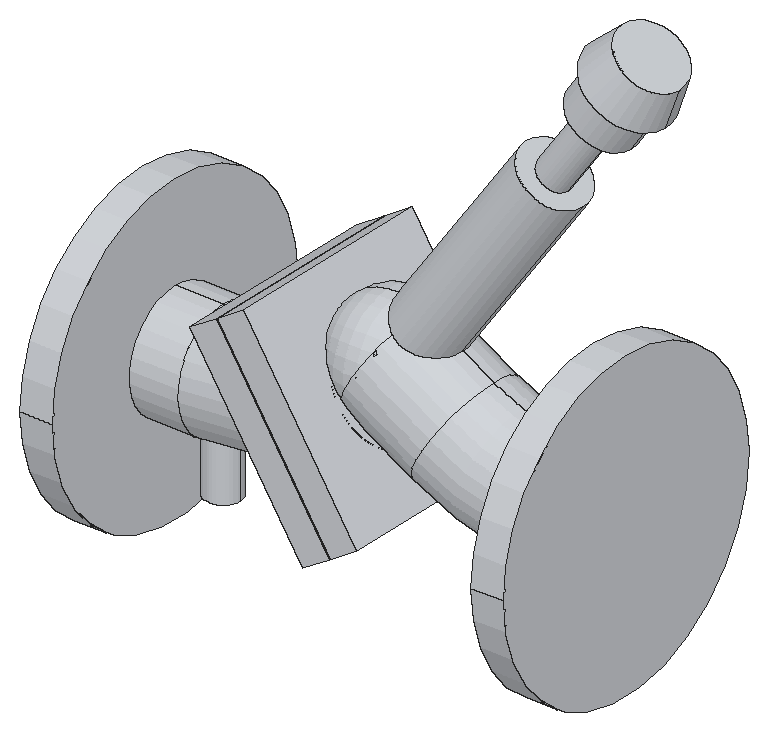
Revit family "M_Válvula de equilíbrio - Reta - 65-300 mm - Flange", category Acessórios do tubo, Revit 2019
Family settings
  Cota do conector redondo = Usar raio
  Tipo de parte = Válvula - Quebra entre
  Número OmniClass = 23.65.55.14.17
  Título OmniClass = Adjusting/Controlling Valves for Liquid Services
  ID de item do Seek = Balancing Valve - Straight - 65-300 mm - Flanged-0000-CAN-ENU
  Com base no plano de trabalho = Não
  Sempre na vertical = Sim
  Corte com vazios quando carregada = Não
  Compartilhado = Não
Parameters (values of type "65 mm")
  Material da válvula = none
  Comprimento da válvula = 300 mm
  Raio 9 = 1.3 * Raio 5  # 27.885 mm
  Raio 8 = 150 mm
  Raio 6 = 0.5 * Raio 5  # 10.725 mm
  Raio 5 = 0.6 * Raio externo  # 21.45 mm
  Raio 4 = 2 * Raio externo  # 71.5 mm
  Raio 3 = 0.6 * (Raio externo + Raio da flange)  # 78.45 mm
  Raio 2 = 0.7 * Raio externo  # 25.025 mm
  Raio 1 = 185 mm
  Raio externo = Diâmetro nominal * 0.55  # 35.75 mm
  Altura aberta = 245 mm
  Raio nominal = 32.5 mm
  Diâmetro nominal = Raio nominal * 2  # 65 mm
  Comprimento 9 = 25 mm
  Comprimento 8 = Comprimento 7 * sin(Ângulo 1)  # 43.301 mm
  Comprimento 7 = 50 mm
  Comprimento 6 = 75 mm
  Comprimento 5 = 25 mm
  Comprimento 4 = 0.2 * (Altura aberta - Altura 2) / sin(Ângulo 2)  # 52.651 mm
  Comprimento 3 = 0.2 * (Altura aberta - Altura 2) / sin(Ângulo 2)  # 52.651 mm
  Comprimento 2 = 0.7 * (Altura aberta - Altura 2) / sin(Ângulo 2)  # 184.277 mm
  Comprimento 11 = Comprimento 4 * 0.3  # 15.795 mm
  Comprimento 10 = Comprimento 9 / 2  # 12.5 mm
  Comprimento 1 = 100 mm
  K Coefficient = 21.72
  Altura 2 = Raio 1 - sqrt(Raio 1 * Raio 1 - Comprimento 1 * Comprimento 1)  # 29.356 mm
  Altura 1 = Raio 8 - sqrt(Raio 8 * Raio 8 - Comprimento 6 * Comprimento 6) + Comprimento 7 * cos(Ângulo 1)  # 45.096 mm
  Espessura do flange = 20 mm
  Raio da flange = Diâmetro da flange / 2  # 95 mm
  Diâmetro da flange = 190 mm
  C2 Deslocamento 3 = 65 mm
  C1 Deslocamento 1 = 70 mm
  Ângulo 2 = 55.00°
  Ângulo 1 = acos(Comprimento 6 / Raio 8)  # 60.00°
  Ângulo = asin(Comprimento 1 / Raio 1)  # 32.7204°
Types (9, lengths in mm): name | Comprimento da válvula | Raio 9 | Raio 8 | Raio 6 | Raio 5 | Raio 4 | Raio 3 | Raio 2 | Raio 1 | Raio externo | Altura aberta | Raio nominal | Diâmetro nominal | Comprimento 8 | Comprimento 7 | Comprimento 6 | Comprimento 5 | Comprimento 4 | Comprimento 3 | Comprimento 2 | Comprimento 11 | Comprimento 1 | K Coefficient | Altura 2 | Altura 1 | Espessura do flange | Raio da flange | Diâmetro da flange | C2 Deslocamento 3 | C1 Deslocamento 1 | Ângulo 2 | Ângulo 1 | Ângulo
  (no name) | 300 | 27.885 | 150 | 10.725 | 21.45 | 71.5 | 78.45 | 25.025 | 185 | 35.75 | 245 | 32.5 | 65 | 43.301 | 50 | 75 | 25 | 52.651 | 52.651 | 184.277 | 15.795 | 100 | 21.72 | 29.356 | 45.096 | 20 | 95 | 190 | 65 | 70 | 55.00° | 60.00° | 32.7204°
  250 mm | 762 | 107.25 | 300 | 41.25 | 82.5 | 275 | 215.7 | 96.25 | 180 | 137.5 | 673 | 125 | 250 | 159.085 | 175 | 125 | 100 | 144.837 | 144.837 | 506.931 | 43.451 | 120 | 15.82 | 45.836 | 100.199 | 40 | 222 | 444 | 240 | 167 | 60.00° | 65.3757° | 41.8103°
  125 mm | 444 | 53.625 | 175 | 20.625 | 41.25 | 137.5 | 125.25 | 48.125 | 180 | 68.75 | 332 | 62.5 | 125 | 90.351 | 100 | 75 | 50 | 66.087 | 66.087 | 231.304 | 19.826 | 120 | 19.24 | 45.836 | 59.743 | 25 | 140 | 280 | 125 | 92 | 60.00° | 64.6231° | 41.8103°
  300 mm | 967 | 128.7 | 300 | 49.5 | 99 | 330 | 255 | 115.5 | 180 | 165 | 722 | 150 | 300 | 159.085 | 175 | 125 | 175 | 158.368 | 158.368 | 554.288 | 47.51 | 125 | 15.82 | 50.482 | 100.199 | 40 | 260 | 520 | 320 | 194 | 58.00° | 65.3757° | 43.983°
  65 mm | 300 | 27.885 | 150 | 10.725 | 21.45 | 71.5 | 78.45 | 25.025 | 185 | 35.75 | 245 | 32.5 | 65 | 43.301 | 50 | 75 | 25 | 52.651 | 52.651 | 184.277 | 15.795 | 100 | 21.72 | 29.356 | 45.096 | 20 | 95 | 190 | 65 | 70 | 55.00° | 60.00° | 32.7204°
  80 mm | 300 | 34.32 | 150 | 13.2 | 26.4 | 88 | 89.4 | 30.8 | 180 | 44 | 266 | 40 | 80 | 43.301 | 50 | 75 | 25 | 54.425 | 54.425 | 190.487 | 16.327 | 100 | 23.82 | 30.334 | 45.096 | 20 | 105 | 210 | 65 | 62 | 60.00° | 60.00° | 33.749°
  100 mm | 350 | 42.9 | 150 | 16.5 | 33 | 110 | 109.2 | 38.5 | 180 | 55 | 268 | 50 | 100 | 64.952 | 75 | 75 | 25 | 54.887 | 54.887 | 192.103 | 16.466 | 100 | 10.12 | 30.334 | 57.596 | 20 | 127 | 254 | 87 | 75 | 60.00° | 60.00° | 33.749°
  150 mm | 525 | 64.35 | 300 | 24.75 | 49.5 | 165 | 144.9 | 57.75 | 180 | 82.5 | 350 | 75 | 150 | 117.851 | 125 | 100 | 50 | 70.244 | 70.244 | 245.853 | 21.073 | 120 | 29.75 | 45.836 | 58.824 | 25 | 159 | 318 | 150 | 113 | 60.00° | 70.5288° | 41.8103°
  200 mm | 716 | 85.8 | 300 | 33 | 66 | 220 | 180.3 | 77 | 180 | 110 | 625 | 100 | 200 | 159.085 | 175 | 125 | 100 | 133.752 | 133.752 | 468.133 | 40.126 | 120 | 29.75 | 45.836 | 100.199 | 40 | 190.5 | 381 | 200 | 145 | 60.00° | 65.3757° | 41.8103°
Reference planes
  plane 1 "Centro (Frente/Trás)": y = 0
  plane 2: z = 0
  plane 3 "Centro (Esquerda/Direita)": x = 0
  plane 4: y = -65
  plane 5: y = 65
  plane 6: x = -150
  plane 7: x = 150
  plane 8: x = 130
  plane 9: x = -130
  plane 10: x = 125
  plane 11: x = 50
  plane 12: x = 6.699
  plane 13: x = -100
  plane 14: z = 150
  plane 15: z = 185
  plane 16: z = 245
  plane 17: z = 29.356
  plane 18 "Altura 1": z = 45.096
  plane 19: z = -70
Forms (mm)
  Sweep 1, solid, material <- "Material da válvula", detail levels fine
    path in 3D
      loop
        line (-130, 0, 0) -> (-100, 0, 0)
        arc (-100, 0, 0) -> (-47.89, 0, 7.491) -> (0, 0, 29.356) r 185
    profile origin (-115, 0, 0) x (0, 0, 1) y (0, -1, 0)
      loop
        circle (0, 0) r 35.75
  Sweep 2, solid, material <- "Material da válvula", detail levels fine
    path in 3D
      loop
        line (130, 0, 0) -> (125, 0, 0)
        arc (125, 0, 0) -> (86.177, 0, 5.111) -> (50, 0, 20.096) r 150
        line (50, 0, 20.096) -> (6.699, 0, 45.096)
    profile origin (28.349, 0, 32.596) x (-0.5, 0, -0.866025) y (0, -1, 0)
      loop
        circle (0, 0) r 35.75
  Sweep 3, solid, material <- "Material da válvula", detail levels fine
    path in 3D
      loop
        line (0, 0, 29.356) -> (105.697, 0, 180.307)
    profile origin (52.848, 0, 104.832) x (-0.819152, 0, 0.573576) y (0, -1, 0)
      loop
        circle (0, 0) r 21.45
  Sweep 4, solid, material <- "Material da válvula", detail levels fine
    path in 3D
      loop
        line (105.697, 0, 180.307) -> (135.896, 0, 223.436)
    profile origin (120.796, 0, 201.871) x (-0.819152, 0, 0.573576) y (0, -1, 0)
      loop
        circle (0, 0) r 10.725
  Sweep 5, solid, material <- "Material da válvula", detail levels fine
    path in 3D
      loop
        line (135.896, 0, 223.436) -> (166.095, 0, 266.564)
    profile origin (150.995, 0, 245) x (-0.819152, 0, 0.573576) y (0, -1, 0)
      loop
        circle (0, 0) r 21.45
  Sweep 6, solid, material <- "Material da válvula", detail levels fine
    path in 3D
      loop
        line (0, 0, 29.356) -> (-16.826, 0, 18.545)
    profile origin (-8.413, 0, 23.951) x (0.540541, 0, -0.841318) y (0, -1, 0)
      loop
        line (-65, 65) -> (-65, -65) -> (65, -65) -> (65, 65) -> (-65, 65)
  Sweep 7, solid, material <- "Material da válvula", detail levels fine
    path in 3D
      loop
        line (-16.826, 0, 18.545) -> (-33.653, 0, 7.735)
    profile origin (-25.24, 0, 13.14) x (0.540541, 0, -0.841318) y (0, -1, 0)
      loop
        line (-65, 65) -> (-65, -65) -> (65, -65) -> (65, 65) -> (-65, 65)
  Extrusion 8, solid, material <- "Material da válvula", detail levels fine
    sketch origin (0, 0, 0) x (0, 1, 0) y (0, 0, 1)
      loop
        circle (0, 0) r 95
    from 150 to 130
  Extrusion 9, solid, material <- "Material da válvula", detail levels fine
    sketch origin (0, 0, 0) x (0, 1, 0) y (0, 0, 1)
      loop
        circle (0, 0) r 95
    from -150 to -130
  Revolve 10, solid, material <- "Material da válvula", detail levels fine
    sketch origin (0, 0, 0) x (1, 0, 0) y (0, 0, 1)
      loop
        line (-29.051, 45.096) -> (42.449, 45.096)
        arc (42.449, 45.096) -> (6.699, 80.846) -> (-29.051, 45.096) r 35.75
      axis (-29.051, 45.096) -> (42.449, 45.096)
    angle from 0 to 360
  Revolve 11, solid, material <- "Material da válvula", detail levels fine
    sketch origin (0, 0, 0) x (1, 0, 0) y (0, 0, 1)
      loop
        line (148.524, 278.868) -> (128.914, 262.08) -> (151.756, 246.086) -> (166.095, 266.564) -> (148.524, 278.868)
      axis (166.095, 266.564) -> (151.756, 246.086)
    angle from 0 to 360
  Extrusion 12, solid, material <- "Material da válvula", detail levels fine
    sketch origin (0, 0, 0) x (1, 0, 0) y (0, 1, 0)
      loop
        circle (-100, 0) r 10.725
    from 0 to -70
Cuts and joins
  joined: Sweep 1, Sweep 2, Sweep 3, Sweep 4, Sweep 5, Sweep 7, Extrusion 8, Extrusion 9, Revolve 11, Extrusion 12
Lines and regions (mm)
  reference lines
    curve 1: line (-130, 0, 0) -> (-100, 0, 0)
    curve 2: arc (-100, 0, 0) -> (-47.89, 0, 7.491) -> (0, 0, 29.356) r 185
    curve 3: line (0, 0, 29.356) -> (105.697, 0, 180.307)
    curve 4: line (105.697, 0, 180.307) -> (135.896, 0, 223.436)
    curve 5: line (135.896, 0, 223.436) -> (166.095, 0, 266.564)
    curve 6: line (130, 0, 0) -> (125, 0, 0)
    curve 7: arc (125, 0, 0) -> (86.177, 0, 5.111) -> (50, 0, 20.096) r 150
    curve 8: line (50, 0, 20.096) -> (6.699, 0, 45.096)
    curve 17: line (0, 0, 29.356) -> (-16.826, 0, 18.545)
    curve 18: line (-16.826, 0, 18.545) -> (-33.653, 0, 7.735)
    curve 21: line (166.095, 0, 266.564) -> (151.756, 0, 246.086)
  sketch lines
    curve 9: line (-130, 0, 0) -> (-100, 0, 0)
    curve 10: arc (-100, 0, 0) -> (-47.89, 0, 7.491) -> (0, 0, 29.356) r 185
    curve 11: line (50, 0, 20.096) -> (6.699, 0, 45.096)
    curve 12: arc (125, 0, 0) -> (86.177, 0, 5.111) -> (50, 0, 20.096) r 150
    curve 13: line (130, 0, 0) -> (125, 0, 0)
    curve 14: line (0, 0, 29.356) -> (105.697, 0, 180.307)
    curve 15: line (105.697, 0, 180.307) -> (135.896, 0, 223.436)
    curve 16: line (135.896, 0, 223.436) -> (166.095, 0, 266.564)
    curve 19: line (0, 0, 29.356) -> (-16.826, 0, 18.545)
    curve 20: line (-16.826, 0, 18.545) -> (-33.653, 0, 7.735)
  model lines, detail levels coarse+medium
    curve 22: line (0, 0, 0) -> (150, 86.603, 0)
    curve 23: line (0, 0, 0) -> (150, -86.603, 0)
    curve 24: line (150, 86.603, 0) -> (150, -86.603, 0)
    curve 25: line (0, 0, 0) -> (-150, 86.603, 0)
    curve 26: line (0, 0, 0) -> (-150, -86.603, 0)
    curve 27: line (-150, 86.603, 0) -> (-150, -86.603, 0)
    curve 28: line (-75, 43.301, 0) -> (-75, 114.801, 0)
    curve 29: line (75, 43.301, 0) -> (75, 114.801, 0)
Dimensions and locks
  "C2 Deslocamento 3": plane 1 "Centro (Frente/Trás)" to plane 4
  "C2 Deslocamento 3": plane 1 "Centro (Frente/Trás)" to plane 5
  equal spacing: plane 7, plane 3 "Centro (Esquerda/Direita)", plane 6
  "Comprimento da válvula": plane 7 to plane 6
  "Espessura do flange": plane 8 to plane 7
  "Espessura do flange": plane 9 to plane 6
  "Comprimento 5": plane 10 to plane 7
  "Comprimento 6": plane 11 to plane 10
  "Comprimento 8": plane 12 to plane 11
  "Comprimento 1": plane 3 "Centro (Esquerda/Direita)" to plane 13
  "Raio 8": plane 14 to plane 2
  "Raio 1": plane 15 to plane 2
  "Altura aberta": plane 16 to plane 2
  "Altura 2": plane 17 to plane 2
  "Altura 1": plane 18 "Altura 1" to plane 2
  "Comprimento 2": curve 3 to curve 3
  "Comprimento 3": curve 4 to curve 4
  "Comprimento 4": curve 5 to curve 5
  "Comprimento 7": curve 8 to curve 8
  "Espessura do flange": curve 17 to curve 17
  "Espessura do flange": curve 18 to curve 18
  "C2 Deslocamento 3": Sweep 6 sketch curve to profile plane  (x2)
  "C2 Deslocamento 3": profile plane to Sweep 6 sketch curve  (x2)
  "C2 Deslocamento 3": Sweep 7 sketch curve to profile plane  (x2)
  "C2 Deslocamento 3": curve 7 to Sweep 7 sketch curve
  "C2 Deslocamento 3": profile plane to Sweep 7 sketch curve
  equal spacing: Revolve 10 sketch curve, plane 12, Revolve 10 sketch curve
  "Raio externo": Revolve 10 sketch curve to plane 12
  "Comprimento 9": curve 21 to curve 5
  "Raio 5": Revolve 11 sketch curve to Revolve 11 sketch curve
  "Raio 9": Revolve 11 sketch curve to Revolve 11 sketch curve
  "Comprimento 9": Revolve 11 sketch curve to Revolve 11 sketch curve
  "C1 Deslocamento 1": plane 2 to plane 19
  equal spacing: plane 6, curve 28, plane 3 "Centro (Esquerda/Direita)"
  equal spacing: plane 3 "Centro (Esquerda/Direita)", curve 29, plane 7
  "Raio 4": curve 28 to curve 28
  "Raio 4": curve 29 to curve 29
  "Raio externo": radius of Sweep 1 sketch curve
  "Raio externo": radius of Sweep 2 sketch curve
  "Raio 5": radius of Sweep 3 sketch curve
  "Raio 6": radius of Sweep 4 sketch curve
  "Raio 5": radius of Sweep 5 sketch curve
  "Raio da flange": radius of Extrusion 8 sketch curve
  "Raio da flange": radius of Extrusion 9 sketch curve
  "Raio externo": radius of Revolve 10 sketch curve
  "Raio 6": radius of Extrusion 12 sketch curve
  "Ângulo 2": angle plane 2 to curve 3
  "Ângulo 2": angle plane 2 to curve 4
  "Ângulo 2": angle plane 2 to curve 5
  "Ângulo 1": angle plane 3 "Centro (Esquerda/Direita)" to curve 8
  "Ângulo": angle level to curve 17
  "Ângulo": angle plane 2 to curve 18
  "Ângulo 2": angle plane 2 to curve 21
  locked: plane 1 "Centro (Frente/Trás)" to curve 22 (angle 30.00°)
  locked: curve 23 to plane 1 "Centro (Frente/Trás)" (angle 30.00°)
  locked: curve 25 to plane 1 "Centro (Frente/Trás)" (angle 30.00°)
  locked: plane 1 "Centro (Frente/Trás)" to curve 26 (angle 30.00°)
  aligned and locked: plane 2 to level
  aligned and locked: plane 9 to curve 1
  aligned and locked: curve 1 to plane 2
  aligned and locked: plane 13 to curve 1
  aligned and locked: plane 17 to curve 2
  aligned and locked: plane 15 to curve 2
  aligned and locked: plane 13 to curve 2
  aligned and locked: plane 8 to curve 6
  aligned and locked: plane 10 to curve 6
  aligned and locked: plane 2 to curve 6
  aligned and locked: plane 11 to curve 7
  aligned and locked: plane 14 to curve 7
  aligned and locked: plane 10 to curve 7
  aligned and locked: plane 3 "Centro (Esquerda/Direita)" to curve 17
  aligned and locked: plane 1 "Centro (Frente/Trás)" to Extrusion 8 sketch curve
  aligned and locked: plane 2 to Extrusion 8 sketch curve
  aligned and locked: plane 1 "Centro (Frente/Trás)" to Extrusion 9 sketch curve
  aligned and locked: plane 2 to Extrusion 9 sketch curve
  aligned and locked: Extrusion 9 to plane 6
  aligned and locked: plane 9 to Extrusion 9
  aligned and locked: Extrusion 8 to plane 7
  aligned and locked: plane 8 to Extrusion 8
  aligned and locked: Revolve 10 sketch curve to plane 18 "Altura 1"
  aligned and locked: Revolve 10 sketch curve to Revolve 10 sketch curve  (x2)
  aligned and locked: plane 18 "Altura 1" to Revolve 10 sketch curve
  aligned and locked: cut or joined group 1 (Sweep 1, Sweep 2, Sweep 3, Sweep 4, Sweep 5, Sweep 7, Extrusion 8, Extrusion 9, Revolve 11, Extrusion 12) to Revolve 11 sketch curve
  aligned and locked: Revolve 11 sketch curve to curve 5
  aligned and locked: Revolve 11 sketch curve to cut or joined group 1
  aligned and locked: Revolve 11 sketch curve to curve 21
  aligned and locked: curve 5 to Revolve 11 sketch curve
  aligned and locked: Revolve 11 sketch curve to curve 3
  aligned and locked: plane 13 to Extrusion 12 sketch curve
  aligned and locked: plane 1 "Centro (Frente/Trás)" to Extrusion 12 sketch curve
  aligned and locked: Extrusion 12 to plane 19
  aligned and locked: plane 2 to Extrusion 12
  aligned and locked: cut or joined group 1 to plane 7
  aligned and locked: plane 3 "Centro (Esquerda/Direita)" to curve 23
  aligned and locked: plane 1 "Centro (Frente/Trás)" to curve 23
  aligned and locked: curve 27 to plane 6
Automatic sketch dimensions
  Sweep 1 sketch curve to profile plane = 0 mm  (x2)
  Sweep 2 sketch curve to profile plane = 0 mm  (x2)
  Sweep 3 sketch curve to profile plane = 0 mm  (x2)
  Sweep 4 sketch curve to profile plane = 0 mm  (x2)
  Sweep 5 sketch curve to profile plane = 0 mm  (x2)
  curve 22 to plane 7 = 0 mm
  Revolve 11 sketch curve to Revolve 11 sketch curve = 0 mm
Connectors
  piping at (-150, 0, 0), diameter 65, driven by "Raio nominal"
    settings: on cut or joined group 1, index 1, connector inside diameter 65 mm, connector length 0 mm, flow factor 0, pipe flow 0.0 L/s, pressure drop 0.0 Pa, fitting loss kfactor 0, connector angle 0.00°, fixture units 0, engagement length 0 mm, angle of deflection 0.00°, flow configuration 0, flow direction 0, fitting loss method 2, system type 29, joint type 0, gender type 0, connector reference index 2, connector utility 0, adjustable connector no, is connector primary yes, connector description ""
  piping at (150, 0, 0), diameter 65, driven by "Raio nominal", driven by "K Coefficient"
    settings: on cut or joined group 1, index 2, connector inside diameter 65 mm, connector length 0 mm, flow factor 0, pipe flow 0.0 L/s, pressure drop 0.0 Pa, fitting loss kfactor 21.72, connector angle 0.00°, fixture units 0, engagement length 0 mm, angle of deflection 0.00°, flow configuration 0, flow direction 0, fitting loss method 2, system type 29, joint type 0, gender type 0, connector reference index 1, connector utility 0, adjustable connector no, is connector primary no, connector description ""
